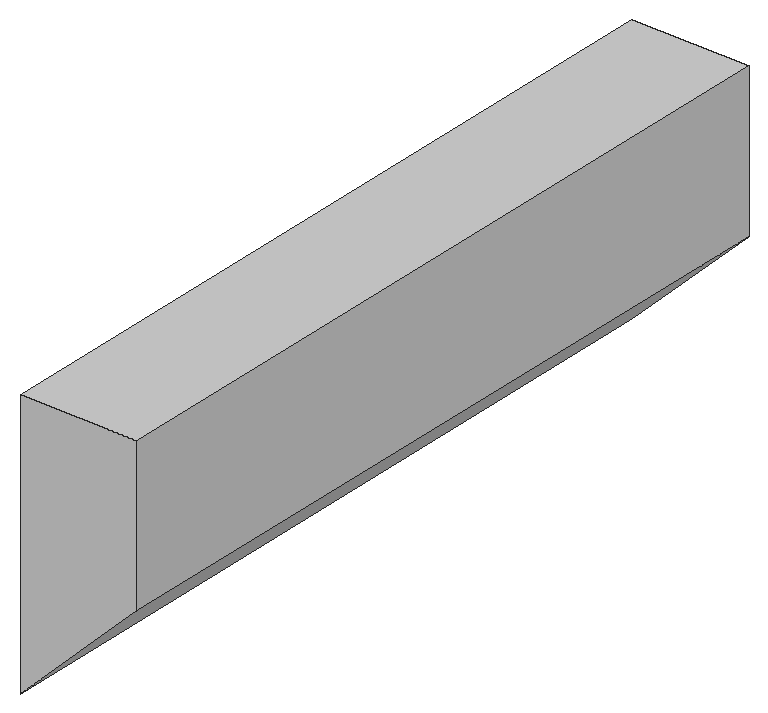
Revit family "Tapered Rectangle_R17rafic", category Structural Framing, Revit 2023
Family settings
  Structural Framing Length Roundoff = 0 cm
  Section Shape = Not Defined
  Material for Model Behavior = Steel
  Always export as geometry = No
  OmniClass Number = 23.25.30.11.14.14
  OmniClass Title = Beams
  Always vertical = Yes
  Cut with Voids When Loaded = No
  Symbolic Representation = From Project Settings
  Shared = No
  Show family pre-cut in plan views = Yes
Parameters (values of type "Type 1")
  W = 37.6
  Structural Material [instance] = Steel ASTM A500, Grade B, Rectangular and Square
  H2 [instance] = 80 cm
  H1 [instance] = 200 cm
  B2 [instance] = 800 cm
  B1 [instance] = 800 cm
  Assembly Code = "B10"
  Length [instance] = 152.4 cm
  Shape = ""
  kr = 2 * t  # 1.7661 cm
  t = 0.883 cm
  A = 67.0966 cm²
Reference planes (cm)
  plane 1 "Center (Front/Back)": y = 0
  plane 2: z = 0
  plane 3 "Center (Left/Right)": x = 0.461
  plane 4 "Member Left": x = -60.499
  plane 5 "Member Right": x = 61.421
  plane 6 "Left": x = -75.739
  plane 7 "Right": x = 76.661
Forms (cm)
  SweptBlend 1, solid, material "Steel ASTM A500, Grade B, Rectangular and Square" <- "Structural Material"
    path origin (0, 0, 0) x (1, 0, 0) y (0, 1, 0)
      loop
        line (-60.499, 0) -> (61.421, 0)
    profile origin (-60.499, 0, 0) x (0, 1, 0) y (0, 0, 1)
      loop
        line (-400, 80) -> (-400, -200) -> (400, -200) -> (400, 80) -> (-400, 80)
    end profile origin (61.421, 0, 0) x (0, 1, 0) y (0, 0, 1)
      loop
        line (-400, -80) -> (400, -80) -> (400, 80) -> (-400, 80) -> (-400, -80)
Lines and regions (cm)
  symbolic lines, style "Hidden Faces", detail levels medium+fine
    curve 1: line (-60.499, 0, 9.277) -> (61.421, 0, 9.277)
    curve 2: line (-60.499, 0, -9.277) -> (61.421, 0, -9.277)
Dimensions and locks (cm)
  "Length": plane 6 "Left" to plane 7 "Right"
  equal spacing: SweptBlend 1 sketch curve, profile plane, SweptBlend 1 sketch curve  (x2)
  "B1": SweptBlend 1 sketch curve to SweptBlend 1 sketch curve
  "H1": SweptBlend 1 sketch curve to level
  "B2": SweptBlend 1 sketch curve to SweptBlend 1 sketch curve
  "H2": level to SweptBlend 1 sketch curve
Automatic sketch dimensions
  plane 4 "Member Left" to curve 2 = 0 cm
  plane 4 "Member Left" to curve 1 = 0 cm
  plane 5 "Member Right" to curve 2 = 0 cm
  plane 5 "Member Right" to curve 1 = 0 cm
  plane 1 "Center (Front/Back)" to SweptBlend 1 sketch curve = 0 cm
  SweptBlend 1 sketch curve to plane 4 "Member Left" = 0 cm
  SweptBlend 1 sketch curve to plane 5 "Member Right" = 0 cm
  level to curve 1 = 9.277 cm
  curve 2 to level = 9.277 cm
  level to SweptBlend 1 sketch curve = 80 cm  (x2)
